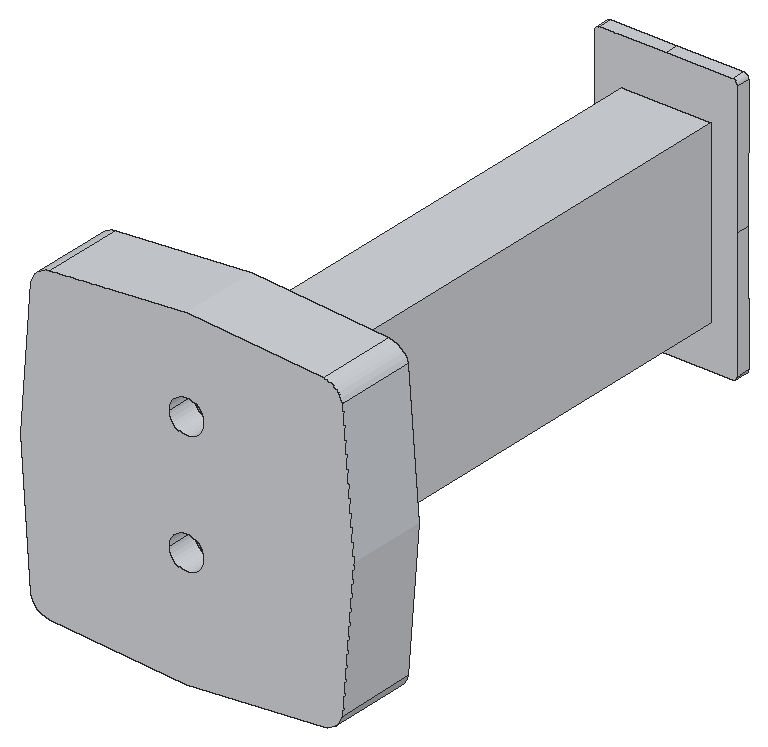
Revit family "AX8209_0007", category Appareils sanitaires, Revit 2016
Family settings
  Hôte = Mur
  Type d'élément = Normal
  Cote de connecteur circulaire = Utiliser le diamètre
  Numéro OmniClass = 23.75.00.00
  Titre OmniClass = Climate Control (HVAC)
  Toujours verticalement = Oui
  Couper avec des vides une fois chargée = Non
  Partagée = Non
  Point de calcul de pièce = Non
Parameters (values of type "Type 1")
  URL = "https://www.axeuro.com/fr/pateres-et-porte-manteaux/24142-patere-ax8209.html?search_query=ax8209&results=2"
  Type de produit / Type of product = "Patère / Hook"  # constant formula
  Référence / Reference = "AX8209, AX8209P"  # constant formula
  Model = ""
  Manufacturer = ""
  Entreprise / Company = "Axeuro"  # constant formula
  Description = ""
Reference planes
  plane 1 "Mur": y = 0
  plane 2 "Centre (gauche/droite)": x = 0
  plane 3 "Arrière": y = 75
Forms (mm)
  Extrusion 1, solid
    sketch origin (-1237.13, 75, -141.209) x (1, 0, 0) y (0, 0, 1)
      loop
        arc (1260.53, 1837.185) -> (1259.445, 1838.845) -> (1257.639, 1839.667) r 3.559
        arc (1257.639, 1839.667) -> (1237.13, 1841.152) -> (1216.621, 1839.667) r 142.327
        arc (1216.621, 1839.667) -> (1214.816, 1838.845) -> (1213.73, 1837.185) r 3.559
        arc (1213.73, 1837.185) -> (1212.128, 1816.152) -> (1213.73, 1795.119) r 138.864
        arc (1213.73, 1795.119) -> (1214.816, 1793.459) -> (1216.621, 1792.637) r 3.559
        arc (1216.621, 1792.637) -> (1237.13, 1791.152) -> (1257.639, 1792.637) r 142.327
        arc (1257.639, 1792.637) -> (1259.445, 1793.459) -> (1260.53, 1795.119) r 3.559
        arc (1260.53, 1795.119) -> (1262.129, 1816.152) -> (1260.53, 1837.185) r 139.104
    from -12.275 to 0
  Extrusion 2, solid
    sketch origin (5.082, 75, -2.306) x (1, 0, 0) y (0, 0, 1)
      loop
        line (1.655, 1690.699) -> (-11.819, 1690.699) -> (-11.819, 1663.799) -> (1.655, 1663.799) -> (1.655, 1690.699)
    from -90 to -12.275
  Extrusion 3, void
    sketch origin (0, 0, 0) x (1, 0, 0) y (0, 0, 1)
      loop
        circle (0, 1686) r 2.6
    from -79.516 to -75
  Extrusion 4, void
    sketch origin (0, 0, -18.3) x (1, 0, 0) y (0, 0, 1)
      loop
        circle (0, 1686) r 2.6
    from -79.516 to -75
  Extrusion 5, solid
    sketch origin (0, 127, 0.979) x (1, 0, 0) y (0, 0, 1)
      loop
        arc (10.7, 1693.722) -> (10.485, 1694.242) -> (9.965, 1694.457) r 0.735
        line (9.965, 1694.457) -> (0, 1694.457) -> (-9.965, 1694.457)
        arc (-9.965, 1694.457) -> (-10.485, 1694.242) -> (-10.7, 1693.722) r 0.735
        line (-10.7, 1693.722) -> (-10.7, 1673.964) -> (-10.7, 1654.693)
        arc (-10.7, 1654.693) -> (-10.485, 1654.173) -> (-9.965, 1653.957) r 0.735
        line (-9.965, 1653.957) -> (0, 1653.957) -> (9.965, 1653.957)
        arc (9.965, 1653.957) -> (10.485, 1654.173) -> (10.7, 1654.693) r 0.735
        line (10.7, 1654.693) -> (10.7, 1673.964) -> (10.7, 1693.722)
    from -40 to -38
Cuts and joins
  Extrusion 3, Extrusion 4 cuts Extrusion 1
Text (mm)
  text "Côté de la mise en place" at (-1820.995, 1116.779, 0), in view "Niveau de réf."
  text "Côté de la mise en place" at (0, 1334.055, 2976.191), in view "Gauche"
  text "Côté de la mise en place" at (0, 439.194, 2944.362), in view "Droite"
Dimensions and locks
  locked: plane 3 "Arrière" to host wall
  aligned and locked: plane 1 "Mur" to host wall
